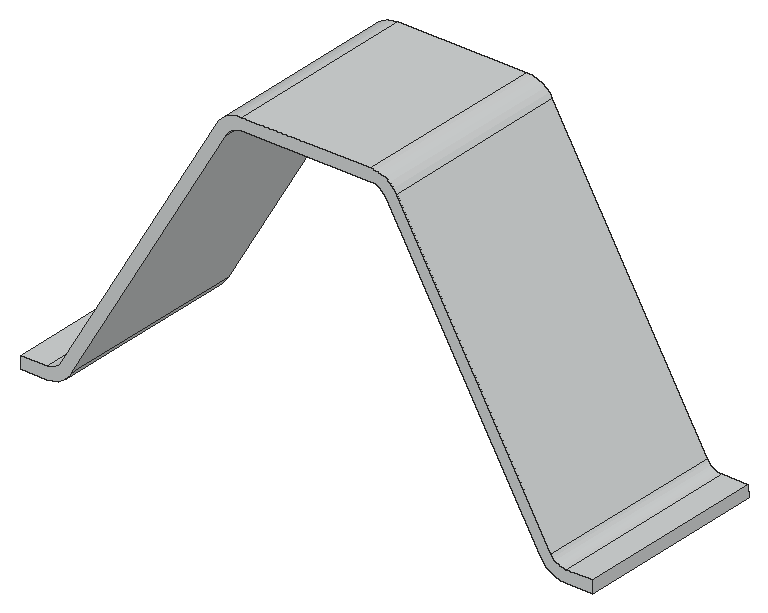
Revit family "Specialty_Equipment-Metal_Raceway-Hubbell_Wiring-Wire_Clip-HBLALUWC", category Specialty Equipment, host Face, Revit 2015
Parameters
  URL = "http://www.hubbell-wiring.com/"
  Product data url = "https://bimobject.com/hubbellwiring/product/hubbell-metal-raceway-alu3800"
  Product Page URL = "http://ecatalog.hubbell-wiring.com/ProductInformation/ViewCatalog.aspx?Dest=hubbell-wiring.com/press/catalog/r.pdf"
  Product Documentation Link = "http://www.hubbell-wiring.com/press/pdfs/h5233r08.pdf"
  Model = "HBLALUWC"
  Manufacturer = "Hubbell Wiring Device Kellems"  # constant formula
  Host Note = "Add in Section View; Host to Wall"  # constant formula
  Description = "Wire Clip"  # constant formula
  Default Elevation = 48.00"
  Cable Tray Material = Metal-Hubbell-Aluminium
  B = 2.94"
  Assembly Code = "D5090900"
  A = 1.00"
Reference planes (in)
  plane 1 "Center (Front/Back)": y = 0
  plane 2: z = 0
  plane 3 "Center (Left/Right)": x = 0
  plane 4: x = -1.47
  plane 5: x = 1.47
  plane 6: y = -1
Forms (in)
  Extrusion 1, solid, material "Metal-Hubbell-Aluminium" <- "Cable Tray Material"
    sketch origin (0, 0, 0) x (1, 0, 0) y (0, 0, 1)
      loop
        line (-1.47, 0) -> (-1.3347, 0)
        arc (-1.3347, 0) -> (-1.25864, 0.02038) -> (-1.20296, 0.07606) r 0.15212
        line (-1.20296, 0.07606) -> (-0.40893, 1.45136)
        arc (-0.40893, 1.45136) -> (-0.37607, 1.48422) -> (-0.33118, 1.49625) r 0.08978
        line (-0.33118, 1.49625) -> (0.33118, 1.49625)
        arc (0.33118, 1.49625) -> (0.37607, 1.48422) -> (0.40893, 1.45136) r 0.08978
        line (0.40893, 1.45136) -> (1.20296, 0.07606)
        arc (1.20296, 0.07606) -> (1.25864, 0.02038) -> (1.3347, 0) r 0.15212
        line (1.3347, 0) -> (1.47, 0) -> (1.47, 0.06234) -> (1.3347, 0.06234)
        arc (1.3347, 0.06234) -> (1.28981, 0.07437) -> (1.25695, 0.10723) r 0.08978
        line (1.25695, 0.10723) -> (0.46292, 1.48253)
        arc (0.46292, 1.48253) -> (0.40724, 1.53821) -> (0.33118, 1.55859) r 0.15212
        line (0.33118, 1.55859) -> (-0.33118, 1.55859)
        arc (-0.33118, 1.55859) -> (-0.40724, 1.53821) -> (-0.46292, 1.48253) r 0.15212
        line (-0.46292, 1.48253) -> (-1.25695, 0.10723)
        arc (-1.25695, 0.10723) -> (-1.28981, 0.07437) -> (-1.3347, 0.06234) r 0.08978
        line (-1.3347, 0.06234) -> (-1.47, 0.06234) -> (-1.47, 0)
    from 0 to 1 <- "A"
Lines and regions (in)
  symbolic lines, style "SpecialityEquipment"
    curve 1: line (1.47, 0, 0) -> (-1.47, 0, 0)
    curve 2: line (1.47, -1, 0) -> (1.47, 0, 0)
    curve 3: line (-1.47, -1, 0) -> (1.47, -1, 0)
    curve 4: line (-1.47, 0, 0) -> (-1.47, -1, 0)
  symbolic lines
    curve 5: line (1.47, 0, 0) -> (1.47, 0, 0.06234)
    curve 6: line (1.47, 0, 0.06234) -> (1.3347, 0, 0.06234)
    curve 7: arc (1.3347, 0, 0.06234) -> (1.28981, 0, 0.07437) -> (1.25695, 0, 0.10723) r 0.08978
    curve 8: line (1.25695, 0, 0.10723) -> (0.46292, 0, 1.48253)
    curve 9: arc (0.46292, 0, 1.48253) -> (0.40724, 0, 1.53821) -> (0.33118, 0, 1.55859) r 0.15212
    curve 10: line (0.33118, 0, 1.55859) -> (-0.33118, 0, 1.55859)
    curve 11: arc (-0.33118, 0, 1.55859) -> (-0.40724, 0, 1.53821) -> (-0.46292, 0, 1.48253) r 0.15212
    curve 12: line (-0.46292, 0, 1.48253) -> (-1.25695, 0, 0.10723)
    curve 13: arc (-1.25695, 0, 0.10723) -> (-1.28981, 0, 0.07437) -> (-1.3347, 0, 0.06234) r 0.08978
    curve 14: line (-1.3347, 0, 0.06234) -> (-1.47, 0, 0.06234)
    curve 15: line (-1.47, 0, 0.06234) -> (-1.47, 0, 0)
    curve 16: line (-1.47, 0, 0) -> (-1.3347, 0, 0)
    curve 17: arc (-1.3347, 0, 0) -> (-1.25864, 0, 0.02038) -> (-1.20296, 0, 0.07606) r 0.15212
    curve 18: line (-1.20296, 0, 0.07606) -> (-0.40893, 0, 1.45136)
    curve 19: arc (-0.40893, 0, 1.45136) -> (-0.37607, 0, 1.48422) -> (-0.33118, 0, 1.49625) r 0.08978
    curve 20: line (-0.33118, 0, 1.49625) -> (0.33118, 0, 1.49625)
    curve 21: arc (0.33118, 0, 1.49625) -> (0.37607, 0, 1.48422) -> (0.40893, 0, 1.45136) r 0.08978
    curve 22: line (0.40893, 0, 1.45136) -> (1.20296, 0, 0.07606)
    curve 23: arc (1.20296, 0, 0.07606) -> (1.25864, 0, 0.02038) -> (1.3347, 0, 0) r 0.15212
    curve 24: line (1.3347, 0, 0) -> (1.47, 0, 0)
    curve 25: line (0, -1, 1.55859) -> (0, -1, 0)
    curve 26: line (0, -1, 0) -> (0, 0, 0)
    curve 27: line (0, 0, 0.06234) -> (0, -1, 0.06234)
    curve 28: line (0, 0, 0) -> (0, 0, 1.55859)
    curve 29: line (0, 0, 1.55859) -> (0, -1, 1.55859)
Dimensions and locks (in)
  equal spacing: plane 4, plane 3 "Center (Left/Right)", plane 5
  "B": plane 4 to plane 5
  aligned and locked: plane 2 to host face
  aligned and locked: level to host face
  aligned and locked: curve 1 to Extrusion 1
  aligned and locked: curve 2 to Extrusion 1
  aligned and locked: curve 3 to Extrusion 1
  aligned and locked: curve 4 to Extrusion 1
  aligned and locked: curve 5 to Extrusion 1
  aligned and locked: curve 6 to Extrusion 1
  aligned and locked: curve 7 to Extrusion 1
  aligned and locked: curve 9 to Extrusion 1
  aligned and locked: curve 11 to Extrusion 1
  aligned and locked: curve 13 to Extrusion 1
  aligned and locked: curve 15 to Extrusion 1
  aligned and locked: curve 16 to Extrusion 1
  aligned and locked: curve 17 to Extrusion 1
  aligned and locked: curve 19 to Extrusion 1
  aligned and locked: curve 21 to Extrusion 1
  aligned and locked: curve 23 to Extrusion 1
  aligned and locked: curve 25 to Extrusion 1
  aligned and locked: curve 26 to Extrusion 1
  aligned and locked: curve 27 to Extrusion 1
  aligned and locked: curve 28 to Extrusion 1
  aligned and locked: curve 29 to Extrusion 1
  aligned and locked: plane 4 to Extrusion 1
  aligned and locked: Extrusion 1 to plane 1 "Center (Front/Back)"
  aligned and locked: Extrusion 1 to plane 5
  aligned and locked: Extrusion 1 to plane 6
Automatic sketch dimensions
  host sketch curve to host sketch curve = 96.00"  (x2)
  level to Extrusion 1 sketch curve = 0.10723"  (x2)
  level to Extrusion 1 sketch curve = 0.07606"  (x2)
  Extrusion 1 sketch curve to Extrusion 1 sketch curve = 0.13174"
  Extrusion 1 sketch curve to Extrusion 1 sketch curve = 0.05399"  (x4)
  Extrusion 1 sketch curve to Extrusion 1 sketch curve = 0.07775"  (x3)
  Extrusion 1 sketch curve to Extrusion 1 sketch curve = 0.1353"  (x2)
  Extrusion 1 sketch curve to Extrusion 1 sketch curve = 0.00"  (x9)
  plane 5 to Extrusion 1 sketch curve = 2.94"
  Extrusion 1 sketch curve to Extrusion 1 sketch curve = 0.79403"  (x2)
  Extrusion 1 sketch curve to Extrusion 1 sketch curve = 0.66237"
  Extrusion 1 sketch curve to Extrusion 1 sketch curve = 0.04489"  (x3)
  Extrusion 1 sketch curve to Extrusion 1 sketch curve = 1.33042"
  Extrusion 1 sketch curve to Extrusion 1 sketch curve = 0.03117"
  curve 6 to curve 7 = 0.04489"
  curve 9 to curve 8 = 0.07606"
  curve 11 to curve 10 = 0.13174"
  curve 13 to curve 12 = 0.07775"
  curve 13 to curve 17 = 0.05399"
  curve 18 to curve 12 = 0.03117"
  curve 21 to curve 8 = 0.05399"
  curve 22 to curve 7 = 0.05399"
  curve 27 to plane 1 "Center (Front/Back)" = 0.00"
